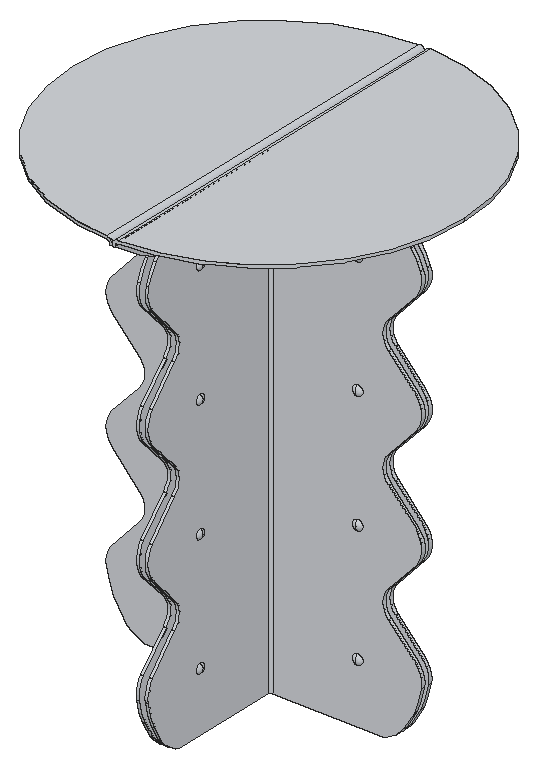
Revit family "YCSA.00.00.00.02", category Мебель, Revit 2014
Parameters
  Height = 500 mm
  Diameter = 400 mm
Reference planes
  plane 1 "По центру (Вперед/Назад)": y = 0
  plane 2: z = 0
  plane 3 "По центру (Влево/Вправо)": x = 0
  plane 4: x = 200
  plane 5: x = -200
  plane 6: y = 200
  plane 7: y = -200
  plane 8: x = 162
  plane 9: x = 96
  plane 10: x = -96
  plane 11: x = -162
  plane 12: y = 162
  plane 13: y = -162
  plane 14: y = 96
  plane 15: y = -96
  plane 16: z = 500
  plane 17: z = 497
  plane 18: z = 494
  plane 19: z = 432.25
  plane 20: z = 308.75
  plane 21: z = 185.25
  plane 22: z = 61.75
  plane 23: z = 123.5
  plane 24: z = 247
  plane 25: z = 370.5
  plane 26: y = 0
  plane 27: x = 0
  plane 28: x = 200
  plane 29: x = -200
  plane 30: y = 200
  plane 31: y = -200
  plane 32: x = 162
  plane 33: x = 96
  plane 34: x = -96
  plane 35: x = -162
  plane 36: y = 162
  plane 37: y = -162
  plane 38: y = 96
  plane 39: y = -96
  plane 40: z = 500
  plane 41: z = 494
  plane 42: z = 432.25
  plane 43: z = 308.75
  plane 44: z = 185.25
  plane 45: z = 61.75
  plane 46: z = 123.5
  plane 47: z = 247
  plane 48: z = 370.5
Forms (mm)
  Extrusion 1, solid
    sketch origin (1501.2, 0, 0) x (1, 0, 0) y (0, 0, 1)
      loop
        line (-1501.2, 410) -> (-1501.2, 494.019)
        arc (-1501.2, 494.019) -> (-1502.952, 498.248) -> (-1507.181, 500) r 5.981
        line (-1507.181, 500) -> (-1701.2, 500) -> (-1701.2, 497) -> (-1507.181, 497)
        arc (-1507.181, 497) -> (-1505.073, 496.127) -> (-1504.2, 494.019) r 2.981
        line (-1504.2, 494.019) -> (-1504.2, 410) -> (-1501.2, 410)
    from -210 to 210
  Extrusion 2, void
    sketch origin (0, 0, -100) x (0, 1, 0) y (0, 0, 1)
      loop
        line (-210, 600) -> (-210, 510) -> (-120, 510)
        arc (-120, 510) -> (-127.071, 512.929) -> (-130, 520) r 10
        line (-130, 520) -> (-130, 545.5)
        arc (-130, 545.5) -> (-131.624, 550.963) -> (-135.969, 554.651) r 9.999
        arc (-135.969, 554.651) -> (-173.916, 574.72) -> (-208.61, 600) r 300.001
        line (-208.61, 600) -> (-210, 600)
      loop
        line (210, 600) -> (208.61, 600)
        arc (208.61, 600) -> (173.916, 574.72) -> (135.969, 554.651) r 300.001
        arc (135.969, 554.651) -> (131.624, 550.963) -> (130, 545.5) r 9.999
        line (130, 545.5) -> (130, 520)
        arc (130, 520) -> (127.071, 512.929) -> (120, 510) r 10
        line (120, 510) -> (210, 510) -> (210, 600)
      loop
        circle (-96, 532.25) r 2.5
      loop
        circle (96, 532.25) r 2.5
    from 0 to -3
  Extrusion 3, void
    sketch origin (0, 0, 0) x (1, 0, 0) y (0, 1, 0)
      loop
        line (-200, -210) -> (0, -210) -> (0, -200)
        arc (0, -200) -> (-141.421, -141.421) -> (-200, 0) r 200
        line (-200, 0) -> (-200, -210)
    from 401 to 500
  Extrusion 4, void
    sketch origin (0, 0, 0) x (1, 0, 0) y (0, 1, 0)
      loop
        line (-200, 210) -> (-200, 0)
        arc (-200, 0) -> (-141.421, 141.421) -> (0, 200) r 200
        line (0, 200) -> (0, 210) -> (-200, 210)
    from 410 to 500
  Extrusion 5, solid, not visible
    sketch origin (1501.2, 0, 0) x (1, 0, 0) y (0, 0, 1)
      loop
        line (-1501.2, 410) -> (-1501.2, 494.019)
        arc (-1501.2, 494.019) -> (-1502.952, 498.248) -> (-1507.181, 500) r 5.981
        line (-1507.181, 500) -> (-1701.2, 500) -> (-1701.2, 497) -> (-1507.181, 497)
        arc (-1507.181, 497) -> (-1505.073, 496.127) -> (-1504.2, 494.019) r 2.981
        line (-1504.2, 494.019) -> (-1504.2, 410) -> (-1501.2, 410)
    from -210 to 210
  Extrusion 6, void, not visible
    sketch origin (0, 0, -100) x (0, 1, 0) y (0, 0, 1)
      loop
        line (-210, 600) -> (-210, 510) -> (-120, 510)
        arc (-120, 510) -> (-127.071, 512.929) -> (-130, 520) r 10
        line (-130, 520) -> (-130, 545.5)
        arc (-130, 545.5) -> (-131.624, 550.963) -> (-135.969, 554.651) r 9.999
        arc (-135.969, 554.651) -> (-173.916, 574.72) -> (-208.61, 600) r 300.001
        line (-208.61, 600) -> (-210, 600)
      loop
        line (210, 600) -> (208.61, 600)
        arc (208.61, 600) -> (173.916, 574.72) -> (135.969, 554.651) r 300.001
        arc (135.969, 554.651) -> (131.624, 550.963) -> (130, 545.5) r 9.999
        line (130, 545.5) -> (130, 520)
        arc (130, 520) -> (127.071, 512.929) -> (120, 510) r 10
        line (120, 510) -> (210, 510) -> (210, 600)
      loop
        circle (-96, 532.25) r 2.5
      loop
        circle (96, 532.25) r 2.5
    from 0 to -3
  Extrusion 7, void, not visible
    sketch origin (0, 0, 0) x (1, 0, 0) y (0, 1, 0)
      loop
        line (-200, -210) -> (0, -210) -> (0, -200)
        arc (0, -200) -> (-141.421, -141.421) -> (-200, 0) r 200
        line (-200, 0) -> (-200, -210)
    from 401 to 500
  Extrusion 8, void, not visible
    sketch origin (0, 0, 0) x (1, 0, 0) y (0, 1, 0)
      loop
        line (-200, 210) -> (-200, 0)
        arc (-200, 0) -> (-141.421, 141.421) -> (0, 200) r 200
        line (0, 200) -> (0, 210) -> (-200, 210)
    from 410 to 500
  Extrusion 9, solid
    sketch origin (-1501.2, 0, 0) x (-1, 0, 0) y (0, 0, 1)
      loop
        line (-1501.2, 410) -> (-1501.2, 494.019)
        arc (-1501.2, 494.019) -> (-1502.952, 498.248) -> (-1507.181, 500) r 5.981
        line (-1507.181, 500) -> (-1701.2, 500) -> (-1701.2, 497) -> (-1507.181, 497)
        arc (-1507.181, 497) -> (-1505.073, 496.127) -> (-1504.2, 494.019) r 2.981
        line (-1504.2, 494.019) -> (-1504.2, 410) -> (-1501.2, 410)
    from -210 to 210
  Extrusion 10, void
    sketch origin (0, 0, -100) x (0, -1, 0) y (0, 0, 1)
      loop
        line (210, 600) -> (208.61, 600)
        arc (208.61, 600) -> (173.916, 574.72) -> (135.969, 554.651) r 300.001
        arc (135.969, 554.651) -> (131.624, 550.963) -> (130, 545.5) r 9.999
        line (130, 545.5) -> (130, 520)
        arc (130, 520) -> (127.071, 512.929) -> (120, 510) r 10
        line (120, 510) -> (210, 510) -> (210, 600)
      loop
        line (-210, 600) -> (-210, 510) -> (-120, 510)
        arc (-120, 510) -> (-127.071, 512.929) -> (-130, 520) r 10
        line (-130, 520) -> (-130, 545.5)
        arc (-130, 545.5) -> (-131.624, 550.963) -> (-135.969, 554.651) r 9.999
        arc (-135.969, 554.651) -> (-173.916, 574.72) -> (-208.61, 600) r 300.001
        line (-208.61, 600) -> (-210, 600)
      loop
        circle (96, 532.25) r 2.5
      loop
        circle (-96, 532.25) r 2.5
    from 0 to -3
  Extrusion 11, void
    sketch origin (0, 0, 0) x (-1, 0, 0) y (0, -1, 0)
      loop
        line (-200, 210) -> (-200, 0)
        arc (-200, 0) -> (-141.421, 141.421) -> (0, 200) r 200
        line (0, 200) -> (0, 210) -> (-200, 210)
    from 401 to 500
  Extrusion 12, void
    sketch origin (0, 0, 0) x (-1, 0, 0) y (0, -1, 0)
      loop
        line (-200, -210) -> (0, -210) -> (0, -200)
        arc (0, -200) -> (-141.421, -141.421) -> (-200, 0) r 200
        line (-200, 0) -> (-200, -210)
    from 410 to 500
  Extrusion 13, solid
    sketch origin (0, 0, 0) x (1, 0, 0) y (0, 1, 0)
      loop
        line (-9, -3) -> (-162, -3) -> (-162, -6) -> (-9, -6)
        arc (-9, -6) -> (-6.879, -6.879) -> (-6, -9) r 3
        line (-6, -9) -> (-6, -162) -> (-3, -162) -> (-3, -9)
        arc (-3, -9) -> (-4.757, -4.757) -> (-9, -3) r 6
    from 0 to 494
  Extrusion 14, void
    sketch origin (0, 0, 0) x (1, 0, 0) y (0, 0, 1)
      loop
        line (-200, 494) -> (-200, 0) -> (-121.998, 0)
        arc (-121.998, 0) -> (-126.504, 1.464) -> (-130.774, 3.519) r 35.215
        arc (-130.774, 3.519) -> (-138.149, 8.835) -> (-144.207, 15.614) r 41.973
        arc (-144.207, 15.614) -> (-149.519, 23.863) -> (-154.007, 32.588) r 101.048
        arc (-154.007, 32.588) -> (-158.642, 44.843) -> (-161.652, 57.596) r 101.048
        arc (-161.652, 57.596) -> (-161.092, 68.425) -> (-156, 77.998) r 25
        arc (-156, 77.998) -> (-141.979, 93.97) -> (-127.548, 109.572) r 818.89
        arc (-127.548, 109.572) -> (-121.99, 123.5) -> (-127.548, 137.428) r 20.229
        arc (-127.548, 137.428) -> (-141.979, 153.03) -> (-156, 169.002) r 818.89
        arc (-156, 169.002) -> (-162, 185.25) -> (-156, 201.498) r 25
        arc (-156, 201.498) -> (-141.979, 217.47) -> (-127.548, 233.072) r 818.89
        arc (-127.548, 233.072) -> (-121.99, 247) -> (-127.548, 260.928) r 20.229
        arc (-127.548, 260.928) -> (-141.979, 276.53) -> (-156, 292.502) r 818.89
        arc (-156, 292.502) -> (-162, 308.75) -> (-156, 324.998) r 25
        arc (-156, 324.998) -> (-141.979, 340.97) -> (-127.548, 356.572) r 818.89
        arc (-127.548, 356.572) -> (-121.99, 370.5) -> (-127.548, 384.428) r 20.229
        arc (-127.548, 384.428) -> (-141.979, 400.03) -> (-156, 416.002) r 818.89
        arc (-156, 416.002) -> (-161.563, 427.597) -> (-160.626, 440.424) r 25
        arc (-160.626, 440.424) -> (-156.411, 449.97) -> (-150.681, 458.693) r 63.154
        arc (-150.681, 458.693) -> (-138.194, 475.913) -> (-126.998, 494) r 291.118
        line (-126.998, 494) -> (-200, 494)
      loop
        circle (-96, 432.25) r 2.5
      loop
        circle (-96, 308.75) r 2.5
      loop
        circle (-96, 185.25) r 2.5
      loop
        circle (-96, 61.75) r 2.5
    from 3 to 6
  Extrusion 15, void
    sketch origin (0, 0, 0) x (0, 1, 0) y (0, 0, -1)
      loop
        line (-200, -494) -> (-126.998, -494)
        arc (-126.998, -494) -> (-138.194, -475.913) -> (-150.681, -458.693) r 291.118
        arc (-150.681, -458.693) -> (-156.411, -449.97) -> (-160.626, -440.424) r 63.154
        arc (-160.626, -440.424) -> (-161.563, -427.597) -> (-156, -416.002) r 25
        arc (-156, -416.002) -> (-141.979, -400.03) -> (-127.548, -384.428) r 818.89
        arc (-127.548, -384.428) -> (-121.99, -370.5) -> (-127.548, -356.572) r 20.229
        arc (-127.548, -356.572) -> (-141.979, -340.97) -> (-156, -324.998) r 818.89
        arc (-156, -324.998) -> (-162, -308.75) -> (-156, -292.502) r 25
        arc (-156, -292.502) -> (-141.979, -276.53) -> (-127.548, -260.928) r 818.89
        arc (-127.548, -260.928) -> (-121.99, -247) -> (-127.548, -233.072) r 20.229
        arc (-127.548, -233.072) -> (-141.979, -217.47) -> (-156, -201.498) r 818.89
        arc (-156, -201.498) -> (-162, -185.25) -> (-156, -169.002) r 25
        arc (-156, -169.002) -> (-141.979, -153.03) -> (-127.548, -137.428) r 818.89
        arc (-127.548, -137.428) -> (-121.99, -123.5) -> (-127.548, -109.572) r 20.229
        arc (-127.548, -109.572) -> (-141.979, -93.97) -> (-156, -77.998) r 818.89
        arc (-156, -77.998) -> (-161.092, -68.425) -> (-161.652, -57.596) r 25
        arc (-161.652, -57.596) -> (-158.642, -44.843) -> (-154.007, -32.588) r 101.048
        arc (-154.007, -32.588) -> (-149.519, -23.863) -> (-144.207, -15.614) r 101.048
        arc (-144.207, -15.614) -> (-138.149, -8.835) -> (-130.774, -3.519) r 41.973
        arc (-130.774, -3.519) -> (-126.504, -1.464) -> (-121.998, 0) r 35.215
        line (-121.998, 0) -> (-200, 0) -> (-200, -494)
      loop
        circle (-96, -432.25) r 2.5
      loop
        circle (-96, -308.75) r 2.5
      loop
        circle (-96, -185.25) r 2.5
      loop
        circle (-96, -61.75) r 2.5
    from 3 to 6
  Extrusion 16, solid
    sketch origin (0, 0, 0) x (1, 0, 0) y (0, 1, 0)
      loop
        arc (-9, 3) -> (-4.757, 4.757) -> (-3, 9) r 6
        line (-3, 9) -> (-3, 162) -> (-6, 162) -> (-6, 9)
        arc (-6, 9) -> (-6.879, 6.879) -> (-9, 6) r 3
        line (-9, 6) -> (-162, 6) -> (-162, 3) -> (-9, 3)
    from 0 to 494
  Extrusion 17, void
    sketch origin (0, 0, 0) x (1, 0, 0) y (0, 0, -1)
      loop
        line (-200, -494) -> (-126.998, -494)
        arc (-126.998, -494) -> (-138.194, -475.913) -> (-150.681, -458.693) r 291.118
        arc (-150.681, -458.693) -> (-156.411, -449.97) -> (-160.626, -440.424) r 63.154
        arc (-160.626, -440.424) -> (-161.563, -427.597) -> (-156, -416.002) r 25
        arc (-156, -416.002) -> (-141.979, -400.03) -> (-127.548, -384.428) r 818.89
        arc (-127.548, -384.428) -> (-121.99, -370.5) -> (-127.548, -356.572) r 20.229
        arc (-127.548, -356.572) -> (-141.979, -340.97) -> (-156, -324.998) r 818.89
        arc (-156, -324.998) -> (-162, -308.75) -> (-156, -292.502) r 25
        arc (-156, -292.502) -> (-141.979, -276.53) -> (-127.548, -260.928) r 818.89
        arc (-127.548, -260.928) -> (-121.99, -247) -> (-127.548, -233.072) r 20.229
        arc (-127.548, -233.072) -> (-141.979, -217.47) -> (-156, -201.498) r 818.89
        arc (-156, -201.498) -> (-162, -185.25) -> (-156, -169.002) r 25
        arc (-156, -169.002) -> (-141.979, -153.03) -> (-127.548, -137.428) r 818.89
        arc (-127.548, -137.428) -> (-121.99, -123.5) -> (-127.548, -109.572) r 20.229
        arc (-127.548, -109.572) -> (-141.979, -93.97) -> (-156, -77.998) r 818.89
        arc (-156, -77.998) -> (-161.092, -68.425) -> (-161.652, -57.596) r 25
        arc (-161.652, -57.596) -> (-158.642, -44.843) -> (-154.007, -32.588) r 101.048
        arc (-154.007, -32.588) -> (-149.519, -23.863) -> (-144.207, -15.614) r 101.048
        arc (-144.207, -15.614) -> (-138.149, -8.835) -> (-130.774, -3.519) r 41.973
        arc (-130.774, -3.519) -> (-126.504, -1.464) -> (-121.998, 0) r 35.215
        line (-121.998, 0) -> (-200, 0) -> (-200, -494)
      loop
        circle (-96, -432.25) r 2.5
      loop
        circle (-96, -308.75) r 2.5
      loop
        circle (-96, -185.25) r 2.5
      loop
        circle (-96, -61.75) r 2.5
    from 3 to 6
  Extrusion 18, void
    sketch origin (0, 0, 0) x (0, -1, 0) y (0, 0, 1)
      loop
        line (-200, 494) -> (-200, 0) -> (-121.998, 0)
        arc (-121.998, 0) -> (-126.504, 1.464) -> (-130.774, 3.519) r 35.215
        arc (-130.774, 3.519) -> (-138.149, 8.835) -> (-144.207, 15.614) r 41.973
        arc (-144.207, 15.614) -> (-149.519, 23.863) -> (-154.007, 32.588) r 101.048
        arc (-154.007, 32.588) -> (-158.642, 44.843) -> (-161.652, 57.596) r 101.048
        arc (-161.652, 57.596) -> (-161.092, 68.425) -> (-156, 77.998) r 25
        arc (-156, 77.998) -> (-141.979, 93.97) -> (-127.548, 109.572) r 818.89
        arc (-127.548, 109.572) -> (-121.99, 123.5) -> (-127.548, 137.428) r 20.229
        arc (-127.548, 137.428) -> (-141.979, 153.03) -> (-156, 169.002) r 818.89
        arc (-156, 169.002) -> (-162, 185.25) -> (-156, 201.498) r 25
        arc (-156, 201.498) -> (-141.979, 217.47) -> (-127.548, 233.072) r 818.89
        arc (-127.548, 233.072) -> (-121.99, 247) -> (-127.548, 260.928) r 20.229
        arc (-127.548, 260.928) -> (-141.979, 276.53) -> (-156, 292.502) r 818.89
        arc (-156, 292.502) -> (-162, 308.75) -> (-156, 324.998) r 25
        arc (-156, 324.998) -> (-141.979, 340.97) -> (-127.548, 356.572) r 818.89
        arc (-127.548, 356.572) -> (-121.99, 370.5) -> (-127.548, 384.428) r 20.229
        arc (-127.548, 384.428) -> (-141.979, 400.03) -> (-156, 416.002) r 818.89
        arc (-156, 416.002) -> (-161.563, 427.597) -> (-160.626, 440.424) r 25
        arc (-160.626, 440.424) -> (-156.411, 449.97) -> (-150.681, 458.693) r 63.154
        arc (-150.681, 458.693) -> (-138.194, 475.913) -> (-126.998, 494) r 291.118
        line (-126.998, 494) -> (-200, 494)
      loop
        circle (-96, 432.25) r 2.5
      loop
        circle (-96, 308.75) r 2.5
      loop
        circle (-96, 185.25) r 2.5
      loop
        circle (-96, 61.75) r 2.5
    from 3 to 6
  Extrusion 19, solid
    sketch origin (0, 0, 0) x (-1, 0, 0) y (0, -1, 0)
      loop
        line (-9, -3) -> (-162, -3) -> (-162, -6) -> (-9, -6)
        arc (-9, -6) -> (-6.879, -6.879) -> (-6, -9) r 3
        line (-6, -9) -> (-6, -162) -> (-3, -162) -> (-3, -9)
        arc (-3, -9) -> (-4.757, -4.757) -> (-9, -3) r 6
    from 0 to 494
  Extrusion 20, void
    sketch origin (0, 0, 0) x (-1, 0, 0) y (0, 0, 1)
      loop
        line (-200, 494) -> (-200, 0) -> (-121.998, 0)
        arc (-121.998, 0) -> (-126.504, 1.464) -> (-130.774, 3.519) r 35.215
        arc (-130.774, 3.519) -> (-138.149, 8.835) -> (-144.207, 15.614) r 41.973
        arc (-144.207, 15.614) -> (-149.519, 23.863) -> (-154.007, 32.588) r 101.048
        arc (-154.007, 32.588) -> (-158.642, 44.843) -> (-161.652, 57.596) r 101.048
        arc (-161.652, 57.596) -> (-161.092, 68.425) -> (-156, 77.998) r 25
        arc (-156, 77.998) -> (-141.979, 93.97) -> (-127.548, 109.572) r 818.89
        arc (-127.548, 109.572) -> (-121.99, 123.5) -> (-127.548, 137.428) r 20.229
        arc (-127.548, 137.428) -> (-141.979, 153.03) -> (-156, 169.002) r 818.89
        arc (-156, 169.002) -> (-162, 185.25) -> (-156, 201.498) r 25
        arc (-156, 201.498) -> (-141.979, 217.47) -> (-127.548, 233.072) r 818.89
        arc (-127.548, 233.072) -> (-121.99, 247) -> (-127.548, 260.928) r 20.229
        arc (-127.548, 260.928) -> (-141.979, 276.53) -> (-156, 292.502) r 818.89
        arc (-156, 292.502) -> (-162, 308.75) -> (-156, 324.998) r 25
        arc (-156, 324.998) -> (-141.979, 340.97) -> (-127.548, 356.572) r 818.89
        arc (-127.548, 356.572) -> (-121.99, 370.5) -> (-127.548, 384.428) r 20.229
        arc (-127.548, 384.428) -> (-141.979, 400.03) -> (-156, 416.002) r 818.89
        arc (-156, 416.002) -> (-161.563, 427.597) -> (-160.626, 440.424) r 25
        arc (-160.626, 440.424) -> (-156.411, 449.97) -> (-150.681, 458.693) r 63.154
        arc (-150.681, 458.693) -> (-138.194, 475.913) -> (-126.998, 494) r 291.118
        line (-126.998, 494) -> (-200, 494)
      loop
        circle (-96, 432.25) r 2.5
      loop
        circle (-96, 308.75) r 2.5
      loop
        circle (-96, 185.25) r 2.5
      loop
        circle (-96, 61.75) r 2.5
    from 3 to 6
  Extrusion 21, void
    sketch origin (0, 0, 0) x (0, -1, 0) y (0, 0, -1)
      loop
        line (-200, -494) -> (-126.998, -494)
        arc (-126.998, -494) -> (-138.194, -475.913) -> (-150.681, -458.693) r 291.118
        arc (-150.681, -458.693) -> (-156.411, -449.97) -> (-160.626, -440.424) r 63.154
        arc (-160.626, -440.424) -> (-161.563, -427.597) -> (-156, -416.002) r 25
        arc (-156, -416.002) -> (-141.979, -400.03) -> (-127.548, -384.428) r 818.89
        arc (-127.548, -384.428) -> (-121.99, -370.5) -> (-127.548, -356.572) r 20.229
        arc (-127.548, -356.572) -> (-141.979, -340.97) -> (-156, -324.998) r 818.89
        arc (-156, -324.998) -> (-162, -308.75) -> (-156, -292.502) r 25
        arc (-156, -292.502) -> (-141.979, -276.53) -> (-127.548, -260.928) r 818.89
        arc (-127.548, -260.928) -> (-121.99, -247) -> (-127.548, -233.072) r 20.229
        arc (-127.548, -233.072) -> (-141.979, -217.47) -> (-156, -201.498) r 818.89
        arc (-156, -201.498) -> (-162, -185.25) -> (-156, -169.002) r 25
        arc (-156, -169.002) -> (-141.979, -153.03) -> (-127.548, -137.428) r 818.89
        arc (-127.548, -137.428) -> (-121.99, -123.5) -> (-127.548, -109.572) r 20.229
        arc (-127.548, -109.572) -> (-141.979, -93.97) -> (-156, -77.998) r 818.89
        arc (-156, -77.998) -> (-161.092, -68.425) -> (-161.652, -57.596) r 25
        arc (-161.652, -57.596) -> (-158.642, -44.843) -> (-154.007, -32.588) r 101.048
        arc (-154.007, -32.588) -> (-149.519, -23.863) -> (-144.207, -15.614) r 101.048
        arc (-144.207, -15.614) -> (-138.149, -8.835) -> (-130.774, -3.519) r 41.973
        arc (-130.774, -3.519) -> (-126.504, -1.464) -> (-121.998, 0) r 35.215
        line (-121.998, 0) -> (-200, 0) -> (-200, -494)
      loop
        circle (-96, -432.25) r 2.5
      loop
        circle (-96, -308.75) r 2.5
      loop
        circle (-96, -185.25) r 2.5
      loop
        circle (-96, -61.75) r 2.5
    from 3 to 6
  Extrusion 22, solid
    sketch origin (0, 0, 0) x (-1, 0, 0) y (0, -1, 0)
      loop
        arc (-9, 3) -> (-4.757, 4.757) -> (-3, 9) r 6
        line (-3, 9) -> (-3, 162) -> (-6, 162) -> (-6, 9)
        arc (-6, 9) -> (-6.879, 6.879) -> (-9, 6) r 3
        line (-9, 6) -> (-162, 6) -> (-162, 3) -> (-9, 3)
    from 0 to 494
  Extrusion 23, void
    sketch origin (0, 0, 0) x (-1, 0, 0) y (0, 0, -1)
      loop
        line (-200, -494) -> (-126.998, -494)
        arc (-126.998, -494) -> (-138.194, -475.913) -> (-150.681, -458.693) r 291.118
        arc (-150.681, -458.693) -> (-156.411, -449.97) -> (-160.626, -440.424) r 63.154
        arc (-160.626, -440.424) -> (-161.563, -427.597) -> (-156, -416.002) r 25
        arc (-156, -416.002) -> (-141.979, -400.03) -> (-127.548, -384.428) r 818.89
        arc (-127.548, -384.428) -> (-121.99, -370.5) -> (-127.548, -356.572) r 20.229
        arc (-127.548, -356.572) -> (-141.979, -340.97) -> (-156, -324.998) r 818.89
        arc (-156, -324.998) -> (-162, -308.75) -> (-156, -292.502) r 25
        arc (-156, -292.502) -> (-141.979, -276.53) -> (-127.548, -260.928) r 818.89
        arc (-127.548, -260.928) -> (-121.99, -247) -> (-127.548, -233.072) r 20.229
        arc (-127.548, -233.072) -> (-141.979, -217.47) -> (-156, -201.498) r 818.89
        arc (-156, -201.498) -> (-162, -185.25) -> (-156, -169.002) r 25
        arc (-156, -169.002) -> (-141.979, -153.03) -> (-127.548, -137.428) r 818.89
        arc (-127.548, -137.428) -> (-121.99, -123.5) -> (-127.548, -109.572) r 20.229
        arc (-127.548, -109.572) -> (-141.979, -93.97) -> (-156, -77.998) r 818.89
        arc (-156, -77.998) -> (-161.092, -68.425) -> (-161.652, -57.596) r 25
        arc (-161.652, -57.596) -> (-158.642, -44.843) -> (-154.007, -32.588) r 101.048
        arc (-154.007, -32.588) -> (-149.519, -23.863) -> (-144.207, -15.614) r 101.048
        arc (-144.207, -15.614) -> (-138.149, -8.835) -> (-130.774, -3.519) r 41.973
        arc (-130.774, -3.519) -> (-126.504, -1.464) -> (-121.998, 0) r 35.215
        line (-121.998, 0) -> (-200, 0) -> (-200, -494)
      loop
        circle (-96, -432.25) r 2.5
      loop
        circle (-96, -308.75) r 2.5
      loop
        circle (-96, -185.25) r 2.5
      loop
        circle (-96, -61.75) r 2.5
    from 3 to 6
  Extrusion 24, void
    sketch origin (0, 0, 0) x (0, 1, 0) y (0, 0, 1)
      loop
        line (-200, 494) -> (-200, 0) -> (-121.998, 0)
        arc (-121.998, 0) -> (-126.504, 1.464) -> (-130.774, 3.519) r 35.215
        arc (-130.774, 3.519) -> (-138.149, 8.835) -> (-144.207, 15.614) r 41.973
        arc (-144.207, 15.614) -> (-149.519, 23.863) -> (-154.007, 32.588) r 101.048
        arc (-154.007, 32.588) -> (-158.642, 44.843) -> (-161.652, 57.596) r 101.048
        arc (-161.652, 57.596) -> (-161.092, 68.425) -> (-156, 77.998) r 25
        arc (-156, 77.998) -> (-141.979, 93.97) -> (-127.548, 109.572) r 818.89
        arc (-127.548, 109.572) -> (-121.99, 123.5) -> (-127.548, 137.428) r 20.229
        arc (-127.548, 137.428) -> (-141.979, 153.03) -> (-156, 169.002) r 818.89
        arc (-156, 169.002) -> (-162, 185.25) -> (-156, 201.498) r 25
        arc (-156, 201.498) -> (-141.979, 217.47) -> (-127.548, 233.072) r 818.89
        arc (-127.548, 233.072) -> (-121.99, 247) -> (-127.548, 260.928) r 20.229
        arc (-127.548, 260.928) -> (-141.979, 276.53) -> (-156, 292.502) r 818.89
        arc (-156, 292.502) -> (-162, 308.75) -> (-156, 324.998) r 25
        arc (-156, 324.998) -> (-141.979, 340.97) -> (-127.548, 356.572) r 818.89
        arc (-127.548, 356.572) -> (-121.99, 370.5) -> (-127.548, 384.428) r 20.229
        arc (-127.548, 384.428) -> (-141.979, 400.03) -> (-156, 416.002) r 818.89
        arc (-156, 416.002) -> (-161.563, 427.597) -> (-160.626, 440.424) r 25
        arc (-160.626, 440.424) -> (-156.411, 449.97) -> (-150.681, 458.693) r 63.154
        arc (-150.681, 458.693) -> (-138.194, 475.913) -> (-126.998, 494) r 291.118
        line (-126.998, 494) -> (-200, 494)
      loop
        circle (-96, 432.25) r 2.5
      loop
        circle (-96, 308.75) r 2.5
      loop
        circle (-96, 185.25) r 2.5
      loop
        circle (-96, 61.75) r 2.5
    from 3 to 6
  Extrusion 25, solid, not visible
    sketch origin (0, 0, 0) x (1, 0, 0) y (0, 1, 0)
      loop
        line (-9, -3) -> (-162, -3) -> (-162, -6) -> (-9, -6)
        arc (-9, -6) -> (-6.879, -6.879) -> (-6, -9) r 3
        line (-6, -9) -> (-6, -162) -> (-3, -162) -> (-3, -9)
        arc (-3, -9) -> (-4.757, -4.757) -> (-9, -3) r 6
    from 0 to 494
  Extrusion 26, void, not visible
    sketch origin (0, 0, 0) x (1, 0, 0) y (0, 0, 1)
      loop
        line (-200, 494) -> (-200, 0) -> (-121.998, 0)
        arc (-121.998, 0) -> (-126.504, 1.464) -> (-130.774, 3.519) r 35.215
        arc (-130.774, 3.519) -> (-138.149, 8.835) -> (-144.207, 15.614) r 41.973
        arc (-144.207, 15.614) -> (-149.519, 23.863) -> (-154.007, 32.588) r 101.048
        arc (-154.007, 32.588) -> (-158.642, 44.843) -> (-161.652, 57.596) r 101.048
        arc (-161.652, 57.596) -> (-161.092, 68.425) -> (-156, 77.998) r 25
        arc (-156, 77.998) -> (-141.979, 93.97) -> (-127.548, 109.572) r 818.89
        arc (-127.548, 109.572) -> (-121.99, 123.5) -> (-127.548, 137.428) r 20.229
        arc (-127.548, 137.428) -> (-141.979, 153.03) -> (-156, 169.002) r 818.89
        arc (-156, 169.002) -> (-162, 185.25) -> (-156, 201.498) r 25
        arc (-156, 201.498) -> (-141.979, 217.47) -> (-127.548, 233.072) r 818.89
        arc (-127.548, 233.072) -> (-121.99, 247) -> (-127.548, 260.928) r 20.229
        arc (-127.548, 260.928) -> (-141.979, 276.53) -> (-156, 292.502) r 818.89
        arc (-156, 292.502) -> (-162, 308.75) -> (-156, 324.998) r 25
        arc (-156, 324.998) -> (-141.979, 340.97) -> (-127.548, 356.572) r 818.89
        arc (-127.548, 356.572) -> (-121.99, 370.5) -> (-127.548, 384.428) r 20.229
        arc (-127.548, 384.428) -> (-141.979, 400.03) -> (-156, 416.002) r 818.89
        arc (-156, 416.002) -> (-161.563, 427.597) -> (-160.626, 440.424) r 25
        arc (-160.626, 440.424) -> (-156.411, 449.97) -> (-150.681, 458.693) r 63.154
        arc (-150.681, 458.693) -> (-138.194, 475.913) -> (-126.998, 494) r 291.118
        line (-126.998, 494) -> (-200, 494)
      loop
        circle (-96, 432.25) r 2.5
      loop
        circle (-96, 308.75) r 2.5
      loop
        circle (-96, 185.25) r 2.5
      loop
        circle (-96, 61.75) r 2.5
    from 3 to 6
  Extrusion 27, void, not visible
    sketch origin (0, 0, 0) x (0, 1, 0) y (0, 0, -1)
      loop
        line (-200, -494) -> (-126.998, -494)
        arc (-126.998, -494) -> (-138.194, -475.913) -> (-150.681, -458.693) r 291.118
        arc (-150.681, -458.693) -> (-156.411, -449.97) -> (-160.626, -440.424) r 63.154
        arc (-160.626, -440.424) -> (-161.563, -427.597) -> (-156, -416.002) r 25
        arc (-156, -416.002) -> (-141.979, -400.03) -> (-127.548, -384.428) r 818.89
        arc (-127.548, -384.428) -> (-121.99, -370.5) -> (-127.548, -356.572) r 20.229
        arc (-127.548, -356.572) -> (-141.979, -340.97) -> (-156, -324.998) r 818.89
        arc (-156, -324.998) -> (-162, -308.75) -> (-156, -292.502) r 25
        arc (-156, -292.502) -> (-141.979, -276.53) -> (-127.548, -260.928) r 818.89
        arc (-127.548, -260.928) -> (-121.99, -247) -> (-127.548, -233.072) r 20.229
        arc (-127.548, -233.072) -> (-141.979, -217.47) -> (-156, -201.498) r 818.89
        arc (-156, -201.498) -> (-162, -185.25) -> (-156, -169.002) r 25
        arc (-156, -169.002) -> (-141.979, -153.03) -> (-127.548, -137.428) r 818.89
        arc (-127.548, -137.428) -> (-121.99, -123.5) -> (-127.548, -109.572) r 20.229
        arc (-127.548, -109.572) -> (-141.979, -93.97) -> (-156, -77.998) r 818.89
        arc (-156, -77.998) -> (-161.092, -68.425) -> (-161.652, -57.596) r 25
        arc (-161.652, -57.596) -> (-158.642, -44.843) -> (-154.007, -32.588) r 101.048
        arc (-154.007, -32.588) -> (-149.519, -23.863) -> (-144.207, -15.614) r 101.048
        arc (-144.207, -15.614) -> (-138.149, -8.835) -> (-130.774, -3.519) r 41.973
        arc (-130.774, -3.519) -> (-126.504, -1.464) -> (-121.998, 0) r 35.215
        line (-121.998, 0) -> (-200, 0) -> (-200, -494)
      loop
        circle (-96, -432.25) r 2.5
      loop
        circle (-96, -308.75) r 2.5
      loop
        circle (-96, -185.25) r 2.5
      loop
        circle (-96, -61.75) r 2.5
    from 3 to 6
  Extrusion 28, solid, not visible
    sketch origin (0, 0, 0) x (1, 0, 0) y (0, 1, 0)
      loop
        arc (-9, 3) -> (-4.757, 4.757) -> (-3, 9) r 6
        line (-3, 9) -> (-3, 162) -> (-6, 162) -> (-6, 9)
        arc (-6, 9) -> (-6.879, 6.879) -> (-9, 6) r 3
        line (-9, 6) -> (-162, 6) -> (-162, 3) -> (-9, 3)
    from 0 to 494
  Extrusion 29, void, not visible
    sketch origin (0, 0, 0) x (1, 0, 0) y (0, 0, -1)
      loop
        line (-200, -494) -> (-126.998, -494)
        arc (-126.998, -494) -> (-138.194, -475.913) -> (-150.681, -458.693) r 291.118
        arc (-150.681, -458.693) -> (-156.411, -449.97) -> (-160.626, -440.424) r 63.154
        arc (-160.626, -440.424) -> (-161.563, -427.597) -> (-156, -416.002) r 25
        arc (-156, -416.002) -> (-141.979, -400.03) -> (-127.548, -384.428) r 818.89
        arc (-127.548, -384.428) -> (-121.99, -370.5) -> (-127.548, -356.572) r 20.229
        arc (-127.548, -356.572) -> (-141.979, -340.97) -> (-156, -324.998) r 818.89
        arc (-156, -324.998) -> (-162, -308.75) -> (-156, -292.502) r 25
        arc (-156, -292.502) -> (-141.979, -276.53) -> (-127.548, -260.928) r 818.89
        arc (-127.548, -260.928) -> (-121.99, -247) -> (-127.548, -233.072) r 20.229
        arc (-127.548, -233.072) -> (-141.979, -217.47) -> (-156, -201.498) r 818.89
        arc (-156, -201.498) -> (-162, -185.25) -> (-156, -169.002) r 25
        arc (-156, -169.002) -> (-141.979, -153.03) -> (-127.548, -137.428) r 818.89
        arc (-127.548, -137.428) -> (-121.99, -123.5) -> (-127.548, -109.572) r 20.229
        arc (-127.548, -109.572) -> (-141.979, -93.97) -> (-156, -77.998) r 818.89
        arc (-156, -77.998) -> (-161.092, -68.425) -> (-161.652, -57.596) r 25
        arc (-161.652, -57.596) -> (-158.642, -44.843) -> (-154.007, -32.588) r 101.048
        arc (-154.007, -32.588) -> (-149.519, -23.863) -> (-144.207, -15.614) r 101.048
        arc (-144.207, -15.614) -> (-138.149, -8.835) -> (-130.774, -3.519) r 41.973
        arc (-130.774, -3.519) -> (-126.504, -1.464) -> (-121.998, 0) r 35.215
        line (-121.998, 0) -> (-200, 0) -> (-200, -494)
      loop
        circle (-96, -432.25) r 2.5
      loop
        circle (-96, -308.75) r 2.5
      loop
        circle (-96, -185.25) r 2.5
      loop
        circle (-96, -61.75) r 2.5
    from 3 to 6
  Extrusion 30, void, not visible
    sketch origin (0, 0, 0) x (0, -1, 0) y (0, 0, 1)
      loop
        line (-200, 494) -> (-200, 0) -> (-121.998, 0)
        arc (-121.998, 0) -> (-126.504, 1.464) -> (-130.774, 3.519) r 35.215
        arc (-130.774, 3.519) -> (-138.149, 8.835) -> (-144.207, 15.614) r 41.973
        arc (-144.207, 15.614) -> (-149.519, 23.863) -> (-154.007, 32.588) r 101.048
        arc (-154.007, 32.588) -> (-158.642, 44.843) -> (-161.652, 57.596) r 101.048
        arc (-161.652, 57.596) -> (-161.092, 68.425) -> (-156, 77.998) r 25
        arc (-156, 77.998) -> (-141.979, 93.97) -> (-127.548, 109.572) r 818.89
        arc (-127.548, 109.572) -> (-121.99, 123.5) -> (-127.548, 137.428) r 20.229
        arc (-127.548, 137.428) -> (-141.979, 153.03) -> (-156, 169.002) r 818.89
        arc (-156, 169.002) -> (-162, 185.25) -> (-156, 201.498) r 25
        arc (-156, 201.498) -> (-141.979, 217.47) -> (-127.548, 233.072) r 818.89
        arc (-127.548, 233.072) -> (-121.99, 247) -> (-127.548, 260.928) r 20.229
        arc (-127.548, 260.928) -> (-141.979, 276.53) -> (-156, 292.502) r 818.89
        arc (-156, 292.502) -> (-162, 308.75) -> (-156, 324.998) r 25
        arc (-156, 324.998) -> (-141.979, 340.97) -> (-127.548, 356.572) r 818.89
        arc (-127.548, 356.572) -> (-121.99, 370.5) -> (-127.548, 384.428) r 20.229
        arc (-127.548, 384.428) -> (-141.979, 400.03) -> (-156, 416.002) r 818.89
        arc (-156, 416.002) -> (-161.563, 427.597) -> (-160.626, 440.424) r 25
        arc (-160.626, 440.424) -> (-156.411, 449.97) -> (-150.681, 458.693) r 63.154
        arc (-150.681, 458.693) -> (-138.194, 475.913) -> (-126.998, 494) r 291.118
        line (-126.998, 494) -> (-200, 494)
      loop
        circle (-96, 432.25) r 2.5
      loop
        circle (-96, 308.75) r 2.5
      loop
        circle (-96, 185.25) r 2.5
      loop
        circle (-96, 61.75) r 2.5
    from 3 to 6
  Extrusion 31, solid, not visible
    sketch origin (0, 0, 0) x (-1, 0, 0) y (0, -1, 0)
      loop
        line (-9, -3) -> (-162, -3) -> (-162, -6) -> (-9, -6)
        arc (-9, -6) -> (-6.879, -6.879) -> (-6, -9) r 3
        line (-6, -9) -> (-6, -162) -> (-3, -162) -> (-3, -9)
        arc (-3, -9) -> (-4.757, -4.757) -> (-9, -3) r 6
    from 0 to 494
  Extrusion 32, void, not visible
    sketch origin (0, 0, 0) x (-1, 0, 0) y (0, 0, 1)
      loop
        line (-200, 494) -> (-200, 0) -> (-121.998, 0)
        arc (-121.998, 0) -> (-126.504, 1.464) -> (-130.774, 3.519) r 35.215
        arc (-130.774, 3.519) -> (-138.149, 8.835) -> (-144.207, 15.614) r 41.973
        arc (-144.207, 15.614) -> (-149.519, 23.863) -> (-154.007, 32.588) r 101.048
        arc (-154.007, 32.588) -> (-158.642, 44.843) -> (-161.652, 57.596) r 101.048
        arc (-161.652, 57.596) -> (-161.092, 68.425) -> (-156, 77.998) r 25
        arc (-156, 77.998) -> (-141.979, 93.97) -> (-127.548, 109.572) r 818.89
        arc (-127.548, 109.572) -> (-121.99, 123.5) -> (-127.548, 137.428) r 20.229
        arc (-127.548, 137.428) -> (-141.979, 153.03) -> (-156, 169.002) r 818.89
        arc (-156, 169.002) -> (-162, 185.25) -> (-156, 201.498) r 25
        arc (-156, 201.498) -> (-141.979, 217.47) -> (-127.548, 233.072) r 818.89
        arc (-127.548, 233.072) -> (-121.99, 247) -> (-127.548, 260.928) r 20.229
        arc (-127.548, 260.928) -> (-141.979, 276.53) -> (-156, 292.502) r 818.89
        arc (-156, 292.502) -> (-162, 308.75) -> (-156, 324.998) r 25
        arc (-156, 324.998) -> (-141.979, 340.97) -> (-127.548, 356.572) r 818.89
        arc (-127.548, 356.572) -> (-121.99, 370.5) -> (-127.548, 384.428) r 20.229
        arc (-127.548, 384.428) -> (-141.979, 400.03) -> (-156, 416.002) r 818.89
        arc (-156, 416.002) -> (-161.563, 427.597) -> (-160.626, 440.424) r 25
        arc (-160.626, 440.424) -> (-156.411, 449.97) -> (-150.681, 458.693) r 63.154
        arc (-150.681, 458.693) -> (-138.194, 475.913) -> (-126.998, 494) r 291.118
        line (-126.998, 494) -> (-200, 494)
      loop
        circle (-96, 432.25) r 2.5
      loop
        circle (-96, 308.75) r 2.5
      loop
        circle (-96, 185.25) r 2.5
      loop
        circle (-96, 61.75) r 2.5
    from 3 to 6
  Extrusion 33, void, not visible
    sketch origin (0, 0, 0) x (0, -1, 0) y (0, 0, -1)
      loop
        line (-200, -494) -> (-126.998, -494)
        arc (-126.998, -494) -> (-138.194, -475.913) -> (-150.681, -458.693) r 291.118
        arc (-150.681, -458.693) -> (-156.411, -449.97) -> (-160.626, -440.424) r 63.154
        arc (-160.626, -440.424) -> (-161.563, -427.597) -> (-156, -416.002) r 25
        arc (-156, -416.002) -> (-141.979, -400.03) -> (-127.548, -384.428) r 818.89
        arc (-127.548, -384.428) -> (-121.99, -370.5) -> (-127.548, -356.572) r 20.229
        arc (-127.548, -356.572) -> (-141.979, -340.97) -> (-156, -324.998) r 818.89
        arc (-156, -324.998) -> (-162, -308.75) -> (-156, -292.502) r 25
        arc (-156, -292.502) -> (-141.979, -276.53) -> (-127.548, -260.928) r 818.89
        arc (-127.548, -260.928) -> (-121.99, -247) -> (-127.548, -233.072) r 20.229
        arc (-127.548, -233.072) -> (-141.979, -217.47) -> (-156, -201.498) r 818.89
        arc (-156, -201.498) -> (-162, -185.25) -> (-156, -169.002) r 25
        arc (-156, -169.002) -> (-141.979, -153.03) -> (-127.548, -137.428) r 818.89
        arc (-127.548, -137.428) -> (-121.99, -123.5) -> (-127.548, -109.572) r 20.229
        arc (-127.548, -109.572) -> (-141.979, -93.97) -> (-156, -77.998) r 818.89
        arc (-156, -77.998) -> (-161.092, -68.425) -> (-161.652, -57.596) r 25
        arc (-161.652, -57.596) -> (-158.642, -44.843) -> (-154.007, -32.588) r 101.048
        arc (-154.007, -32.588) -> (-149.519, -23.863) -> (-144.207, -15.614) r 101.048
        arc (-144.207, -15.614) -> (-138.149, -8.835) -> (-130.774, -3.519) r 41.973
        arc (-130.774, -3.519) -> (-126.504, -1.464) -> (-121.998, 0) r 35.215
        line (-121.998, 0) -> (-200, 0) -> (-200, -494)
      loop
        circle (-96, -432.25) r 2.5
      loop
        circle (-96, -308.75) r 2.5
      loop
        circle (-96, -185.25) r 2.5
      loop
        circle (-96, -61.75) r 2.5
    from 3 to 6
  Extrusion 34, solid, not visible
    sketch origin (0, 0, 0) x (-1, 0, 0) y (0, -1, 0)
      loop
        arc (-9, 3) -> (-4.757, 4.757) -> (-3, 9) r 6
        line (-3, 9) -> (-3, 162) -> (-6, 162) -> (-6, 9)
        arc (-6, 9) -> (-6.879, 6.879) -> (-9, 6) r 3
        line (-9, 6) -> (-162, 6) -> (-162, 3) -> (-9, 3)
    from 0 to 494
  Extrusion 35, void, not visible
    sketch origin (0, 0, 0) x (-1, 0, 0) y (0, 0, -1)
      loop
        line (-200, -494) -> (-126.998, -494)
        arc (-126.998, -494) -> (-138.194, -475.913) -> (-150.681, -458.693) r 291.118
        arc (-150.681, -458.693) -> (-156.411, -449.97) -> (-160.626, -440.424) r 63.154
        arc (-160.626, -440.424) -> (-161.563, -427.597) -> (-156, -416.002) r 25
        arc (-156, -416.002) -> (-141.979, -400.03) -> (-127.548, -384.428) r 818.89
        arc (-127.548, -384.428) -> (-121.99, -370.5) -> (-127.548, -356.572) r 20.229
        arc (-127.548, -356.572) -> (-141.979, -340.97) -> (-156, -324.998) r 818.89
        arc (-156, -324.998) -> (-162, -308.75) -> (-156, -292.502) r 25
        arc (-156, -292.502) -> (-141.979, -276.53) -> (-127.548, -260.928) r 818.89
        arc (-127.548, -260.928) -> (-121.99, -247) -> (-127.548, -233.072) r 20.229
        arc (-127.548, -233.072) -> (-141.979, -217.47) -> (-156, -201.498) r 818.89
        arc (-156, -201.498) -> (-162, -185.25) -> (-156, -169.002) r 25
        arc (-156, -169.002) -> (-141.979, -153.03) -> (-127.548, -137.428) r 818.89
        arc (-127.548, -137.428) -> (-121.99, -123.5) -> (-127.548, -109.572) r 20.229
        arc (-127.548, -109.572) -> (-141.979, -93.97) -> (-156, -77.998) r 818.89
        arc (-156, -77.998) -> (-161.092, -68.425) -> (-161.652, -57.596) r 25
        arc (-161.652, -57.596) -> (-158.642, -44.843) -> (-154.007, -32.588) r 101.048
        arc (-154.007, -32.588) -> (-149.519, -23.863) -> (-144.207, -15.614) r 101.048
        arc (-144.207, -15.614) -> (-138.149, -8.835) -> (-130.774, -3.519) r 41.973
        arc (-130.774, -3.519) -> (-126.504, -1.464) -> (-121.998, 0) r 35.215
        line (-121.998, 0) -> (-200, 0) -> (-200, -494)
      loop
        circle (-96, -432.25) r 2.5
      loop
        circle (-96, -308.75) r 2.5
      loop
        circle (-96, -185.25) r 2.5
      loop
        circle (-96, -61.75) r 2.5
    from 3 to 6
  Extrusion 36, void, not visible
    sketch origin (0, 0, 0) x (0, 1, 0) y (0, 0, 1)
      loop
        line (-200, 494) -> (-200, 0) -> (-121.998, 0)
        arc (-121.998, 0) -> (-126.504, 1.464) -> (-130.774, 3.519) r 35.215
        arc (-130.774, 3.519) -> (-138.149, 8.835) -> (-144.207, 15.614) r 41.973
        arc (-144.207, 15.614) -> (-149.519, 23.863) -> (-154.007, 32.588) r 101.048
        arc (-154.007, 32.588) -> (-158.642, 44.843) -> (-161.652, 57.596) r 101.048
        arc (-161.652, 57.596) -> (-161.092, 68.425) -> (-156, 77.998) r 25
        arc (-156, 77.998) -> (-141.979, 93.97) -> (-127.548, 109.572) r 818.89
        arc (-127.548, 109.572) -> (-121.99, 123.5) -> (-127.548, 137.428) r 20.229
        arc (-127.548, 137.428) -> (-141.979, 153.03) -> (-156, 169.002) r 818.89
        arc (-156, 169.002) -> (-162, 185.25) -> (-156, 201.498) r 25
        arc (-156, 201.498) -> (-141.979, 217.47) -> (-127.548, 233.072) r 818.89
        arc (-127.548, 233.072) -> (-121.99, 247) -> (-127.548, 260.928) r 20.229
        arc (-127.548, 260.928) -> (-141.979, 276.53) -> (-156, 292.502) r 818.89
        arc (-156, 292.502) -> (-162, 308.75) -> (-156, 324.998) r 25
        arc (-156, 324.998) -> (-141.979, 340.97) -> (-127.548, 356.572) r 818.89
        arc (-127.548, 356.572) -> (-121.99, 370.5) -> (-127.548, 384.428) r 20.229
        arc (-127.548, 384.428) -> (-141.979, 400.03) -> (-156, 416.002) r 818.89
        arc (-156, 416.002) -> (-161.563, 427.597) -> (-160.626, 440.424) r 25
        arc (-160.626, 440.424) -> (-156.411, 449.97) -> (-150.681, 458.693) r 63.154
        arc (-150.681, 458.693) -> (-138.194, 475.913) -> (-126.998, 494) r 291.118
        line (-126.998, 494) -> (-200, 494)
      loop
        circle (-96, 432.25) r 2.5
      loop
        circle (-96, 308.75) r 2.5
      loop
        circle (-96, 185.25) r 2.5
      loop
        circle (-96, 61.75) r 2.5
    from 3 to 6
  Extrusion 37, solid
    sketch origin (0, 0, 0) x (0, 1, 0) y (0, 0, 1)
      loop
        circle (96, 308.75) r 10
      loop
        circle (96, 308.75) r 2.5
      loop
        circle (96, 185.25) r 10
      loop
        circle (96, 185.25) r 2.5
      loop
        circle (96, 61.75) r 10
      loop
        circle (96, 61.75) r 2.5
      loop
        circle (-96, 308.75) r 10
      loop
        circle (-96, 308.75) r 2.5
      loop
        circle (-96, 185.25) r 10
      loop
        circle (-96, 185.25) r 2.5
      loop
        circle (-96, 61.75) r 10
      loop
        circle (-96, 61.75) r 2.5
    from -3 to 3
  Extrusion 38, solid
    sketch origin (0, 0, 0) x (1, 0, 0) y (0, 0, 1)
      loop
        circle (-96, 432.25) r 10
      loop
        circle (-96, 308.75) r 10
      loop
        circle (-96, 185.25) r 10
      loop
        circle (-96, 61.75) r 10
      loop
        circle (-96, 432.25) r 2.5
      loop
        circle (-96, 308.75) r 2.5
      loop
        circle (-96, 185.25) r 2.5
      loop
        circle (-96, 61.75) r 2.5
      loop
        circle (96, 432.25) r 10
      loop
        circle (96, 308.75) r 10
      loop
        circle (96, 185.25) r 10
      loop
        circle (96, 61.75) r 10
      loop
        circle (96, 432.25) r 2.5
      loop
        circle (96, 308.75) r 2.5
      loop
        circle (96, 185.25) r 2.5
      loop
        circle (96, 61.75) r 2.5
    from -3 to 3
  Extrusion 39, solid
    sketch origin (0, 0, 0) x (1, 0, 0) y (0, 0, 1)
      loop
        circle (-96, 61.75) r 5
    from 0 to 9
  Revolve 40, void
    sketch origin (-96, 200, 0) x (0, 1, 0) y (0, 0, 1)
      loop
        line (-206, 66.75) -> (-209, 66.75) -> (-209, 61.75)
        arc (-209, 61.75) -> (-208.192, 64.665) -> (-206, 66.75) r 5.667
      axis (-209, 61.75) -> (-206, 61.75)
    angle from 0 to 360
  Revolve 41, void
    sketch origin (-96, 200, 0) x (0, 1, 0) y (0, 0, 1)
      loop
        line (-206, 66.75) -> (-206, 64.25) -> (-200, 64.25) -> (-200, 66.75) -> (-206, 66.75)
      axis (-200, 61.75) -> (-206, 61.75)
    angle from 0 to 360
  Extrusion 42, solid
    sketch origin (0, 0, 0) x (1, 0, 0) y (0, 0, -1)
      loop
        circle (-96, -61.75) r 5
    from 0 to 9
  Revolve 43, void
    sketch origin (-96, -200, 0) x (0, -1, 0) y (0, 0, -1)
      loop
        arc (-206, -66.75) -> (-208.192, -64.665) -> (-209, -61.75) r 5.667
        line (-209, -61.75) -> (-209, -66.75) -> (-206, -66.75)
      axis (-209, -61.75) -> (-206, -61.75)
    angle from 0 to 360
  Revolve 44, void
    sketch origin (-96, -200, 0) x (0, -1, 0) y (0, 0, -1)
      loop
        line (-206, -66.75) -> (-200, -66.75) -> (-200, -64.25) -> (-206, -64.25) -> (-206, -66.75)
      axis (-200, -61.75) -> (-206, -61.75)
    angle from 0 to 360
  Extrusion 45, solid, not visible
    sketch origin (0, -31.862, 0) x (1, 0, 0) y (0, 0, 1)
      loop
        circle (-96, 61.75) r 5
    from 0 to 9
  Revolve 46, void, not visible
    sketch origin (-96, 168.138, 0) x (0, 1, 0) y (0, 0, 1)
      loop
        line (-206, 66.75) -> (-209, 66.75) -> (-209, 61.75)
        arc (-209, 61.75) -> (-208.192, 64.665) -> (-206, 66.75) r 5.667
      axis (-209, 61.75) -> (-206, 61.75)
    angle from 0 to 360
  Revolve 47, void, not visible
    sketch origin (-96, 168.138, 0) x (0, 1, 0) y (0, 0, 1)
      loop
        line (-206, 66.75) -> (-206, 64.25) -> (-200, 64.25) -> (-200, 66.75) -> (-206, 66.75)
      axis (-200, 61.75) -> (-206, 61.75)
    angle from 0 to 360
  Extrusion 48, solid, not visible
    sketch origin (0, -31.862, 0) x (1, 0, 0) y (0, 0, -1)
      loop
        circle (-96, -61.75) r 5
    from 0 to 9
  Revolve 49, void, not visible
    sketch origin (-96, -231.862, 0) x (0, -1, 0) y (0, 0, -1)
      loop
        arc (-206, -66.75) -> (-208.192, -64.665) -> (-209, -61.75) r 5.667
        line (-209, -61.75) -> (-209, -66.75) -> (-206, -66.75)
      axis (-209, -61.75) -> (-206, -61.75)
    angle from 0 to 360
  Revolve 50, void, not visible
    sketch origin (-96, -231.862, 0) x (0, -1, 0) y (0, 0, -1)
      loop
        line (-206, -66.75) -> (-200, -66.75) -> (-200, -64.25) -> (-206, -64.25) -> (-206, -66.75)
      axis (-200, -61.75) -> (-206, -61.75)
    angle from 0 to 360
  Extrusion 51, solid
    sketch origin (192, 0, 0) x (1, 0, 0) y (0, 0, 1)
      loop
        circle (-96, 61.75) r 5
    from 0 to 9
  Revolve 52, void
    sketch origin (96, 200, 0) x (0, 1, 0) y (0, 0, 1)
      loop
        line (-206, 66.75) -> (-209, 66.75) -> (-209, 61.75)
        arc (-209, 61.75) -> (-208.192, 64.665) -> (-206, 66.75) r 5.667
      axis (-209, 61.75) -> (-206, 61.75)
    angle from 0 to 360
  Revolve 53, void
    sketch origin (96, 200, 0) x (0, 1, 0) y (0, 0, 1)
      loop
        line (-206, 66.75) -> (-206, 64.25) -> (-200, 64.25) -> (-200, 66.75) -> (-206, 66.75)
      axis (-200, 61.75) -> (-206, 61.75)
    angle from 0 to 360
  Extrusion 54, solid
    sketch origin (192, 0, 0) x (1, 0, 0) y (0, 0, -1)
      loop
        circle (-96, -61.75) r 5
    from 0 to 9
  Revolve 55, void
    sketch origin (96, -200, 0) x (0, -1, 0) y (0, 0, -1)
      loop
        arc (-206, -66.75) -> (-208.192, -64.665) -> (-209, -61.75) r 5.667
        line (-209, -61.75) -> (-209, -66.75) -> (-206, -66.75)
      axis (-209, -61.75) -> (-206, -61.75)
    angle from 0 to 360
  Revolve 56, void
    sketch origin (96, -200, 0) x (0, -1, 0) y (0, 0, -1)
      loop
        line (-206, -66.75) -> (-200, -66.75) -> (-200, -64.25) -> (-206, -64.25) -> (-206, -66.75)
      axis (-200, -61.75) -> (-206, -61.75)
    angle from 0 to 360
  Extrusion 57, solid, not visible
    sketch origin (192, -31.862, 0) x (1, 0, 0) y (0, 0, 1)
      loop
        circle (-96, 61.75) r 5
    from 0 to 9
  Revolve 58, void, not visible
    sketch origin (96, 168.138, 0) x (0, 1, 0) y (0, 0, 1)
      loop
        line (-206, 66.75) -> (-209, 66.75) -> (-209, 61.75)
        arc (-209, 61.75) -> (-208.192, 64.665) -> (-206, 66.75) r 5.667
      axis (-209, 61.75) -> (-206, 61.75)
    angle from 0 to 360
  Revolve 59, void, not visible
    sketch origin (96, 168.138, 0) x (0, 1, 0) y (0, 0, 1)
      loop
        line (-206, 66.75) -> (-206, 64.25) -> (-200, 64.25) -> (-200, 66.75) -> (-206, 66.75)
      axis (-200, 61.75) -> (-206, 61.75)
    angle from 0 to 360
  Extrusion 60, solid, not visible
    sketch origin (192, -31.862, 0) x (1, 0, 0) y (0, 0, -1)
      loop
        circle (-96, -61.75) r 5
    from 0 to 9
  Revolve 61, void, not visible
    sketch origin (96, -231.862, 0) x (0, -1, 0) y (0, 0, -1)
      loop
        arc (-206, -66.75) -> (-208.192, -64.665) -> (-209, -61.75) r 5.667
        line (-209, -61.75) -> (-209, -66.75) -> (-206, -66.75)
      axis (-209, -61.75) -> (-206, -61.75)
    angle from 0 to 360
  Revolve 62, void, not visible
    sketch origin (96, -231.862, 0) x (0, -1, 0) y (0, 0, -1)
      loop
        line (-206, -66.75) -> (-200, -66.75) -> (-200, -64.25) -> (-206, -64.25) -> (-206, -66.75)
      axis (-200, -61.75) -> (-206, -61.75)
    angle from 0 to 360
  Extrusion 63, solid
    sketch origin (0, 0, 123.5) x (1, 0, 0) y (0, 0, 1)
      loop
        circle (-96, 61.75) r 5
    from 0 to 9
  Revolve 64, void
    sketch origin (-96, 200, 123.5) x (0, 1, 0) y (0, 0, 1)
      loop
        line (-206, 66.75) -> (-209, 66.75) -> (-209, 61.75)
        arc (-209, 61.75) -> (-208.192, 64.665) -> (-206, 66.75) r 5.667
      axis (-209, 61.75) -> (-206, 61.75)
    angle from 0 to 360
  Revolve 65, void
    sketch origin (-96, 200, 123.5) x (0, 1, 0) y (0, 0, 1)
      loop
        line (-206, 66.75) -> (-206, 64.25) -> (-200, 64.25) -> (-200, 66.75) -> (-206, 66.75)
      axis (-200, 61.75) -> (-206, 61.75)
    angle from 0 to 360
  Extrusion 66, solid
    sketch origin (0, 0, 123.5) x (1, 0, 0) y (0, 0, -1)
      loop
        circle (-96, -61.75) r 5
    from 0 to 9
  Revolve 67, void
    sketch origin (-96, -200, 123.5) x (0, -1, 0) y (0, 0, -1)
      loop
        arc (-206, -66.75) -> (-208.192, -64.665) -> (-209, -61.75) r 5.667
        line (-209, -61.75) -> (-209, -66.75) -> (-206, -66.75)
      axis (-209, -61.75) -> (-206, -61.75)
    angle from 0 to 360
  Revolve 68, void
    sketch origin (-96, -200, 123.5) x (0, -1, 0) y (0, 0, -1)
      loop
        line (-206, -66.75) -> (-200, -66.75) -> (-200, -64.25) -> (-206, -64.25) -> (-206, -66.75)
      axis (-200, -61.75) -> (-206, -61.75)
    angle from 0 to 360
  Extrusion 69, solid
    sketch origin (192, 0, 123.5) x (1, 0, 0) y (0, 0, 1)
      loop
        circle (-96, 61.75) r 5
    from 0 to 9
  Revolve 70, void
    sketch origin (96, 200, 123.5) x (0, 1, 0) y (0, 0, 1)
      loop
        line (-206, 66.75) -> (-209, 66.75) -> (-209, 61.75)
        arc (-209, 61.75) -> (-208.192, 64.665) -> (-206, 66.75) r 5.667
      axis (-209, 61.75) -> (-206, 61.75)
    angle from 0 to 360
  Revolve 71, void
    sketch origin (96, 200, 123.5) x (0, 1, 0) y (0, 0, 1)
      loop
        line (-206, 66.75) -> (-206, 64.25) -> (-200, 64.25) -> (-200, 66.75) -> (-206, 66.75)
      axis (-200, 61.75) -> (-206, 61.75)
    angle from 0 to 360
  Extrusion 72, solid
    sketch origin (192, 0, 123.5) x (1, 0, 0) y (0, 0, -1)
      loop
        circle (-96, -61.75) r 5
    from 0 to 9
  Revolve 73, void
    sketch origin (96, -200, 123.5) x (0, -1, 0) y (0, 0, -1)
      loop
        arc (-206, -66.75) -> (-208.192, -64.665) -> (-209, -61.75) r 5.667
        line (-209, -61.75) -> (-209, -66.75) -> (-206, -66.75)
      axis (-209, -61.75) -> (-206, -61.75)
    angle from 0 to 360
  Revolve 74, void
    sketch origin (96, -200, 123.5) x (0, -1, 0) y (0, 0, -1)
      loop
        line (-206, -66.75) -> (-200, -66.75) -> (-200, -64.25) -> (-206, -64.25) -> (-206, -66.75)
      axis (-200, -61.75) -> (-206, -61.75)
    angle from 0 to 360
  Extrusion 75, solid
    sketch origin (0, 0, 247) x (1, 0, 0) y (0, 0, 1)
      loop
        circle (-96, 61.75) r 5
    from 0 to 9
  Revolve 76, void
    sketch origin (-96, 200, 247) x (0, 1, 0) y (0, 0, 1)
      loop
        line (-206, 66.75) -> (-209, 66.75) -> (-209, 61.75)
        arc (-209, 61.75) -> (-208.192, 64.665) -> (-206, 66.75) r 5.667
      axis (-209, 61.75) -> (-206, 61.75)
    angle from 0 to 360
  Revolve 77, void
    sketch origin (-96, 200, 247) x (0, 1, 0) y (0, 0, 1)
      loop
        line (-206, 66.75) -> (-206, 64.25) -> (-200, 64.25) -> (-200, 66.75) -> (-206, 66.75)
      axis (-200, 61.75) -> (-206, 61.75)
    angle from 0 to 360
  Extrusion 78, solid
    sketch origin (0, 0, 247) x (1, 0, 0) y (0, 0, -1)
      loop
        circle (-96, -61.75) r 5
    from 0 to 9
  Revolve 79, void
    sketch origin (-96, -200, 247) x (0, -1, 0) y (0, 0, -1)
      loop
        arc (-206, -66.75) -> (-208.192, -64.665) -> (-209, -61.75) r 5.667
        line (-209, -61.75) -> (-209, -66.75) -> (-206, -66.75)
      axis (-209, -61.75) -> (-206, -61.75)
    angle from 0 to 360
  Revolve 80, void
    sketch origin (-96, -200, 247) x (0, -1, 0) y (0, 0, -1)
      loop
        line (-206, -66.75) -> (-200, -66.75) -> (-200, -64.25) -> (-206, -64.25) -> (-206, -66.75)
      axis (-200, -61.75) -> (-206, -61.75)
    angle from 0 to 360
  Extrusion 81, solid
    sketch origin (192, 0, 247) x (1, 0, 0) y (0, 0, 1)
      loop
        circle (-96, 61.75) r 5
    from 0 to 9
  Revolve 82, void
    sketch origin (96, 200, 247) x (0, 1, 0) y (0, 0, 1)
      loop
        line (-206, 66.75) -> (-209, 66.75) -> (-209, 61.75)
        arc (-209, 61.75) -> (-208.192, 64.665) -> (-206, 66.75) r 5.667
      axis (-209, 61.75) -> (-206, 61.75)
    angle from 0 to 360
  Revolve 83, void
    sketch origin (96, 200, 247) x (0, 1, 0) y (0, 0, 1)
      loop
        line (-206, 66.75) -> (-206, 64.25) -> (-200, 64.25) -> (-200, 66.75) -> (-206, 66.75)
      axis (-200, 61.75) -> (-206, 61.75)
    angle from 0 to 360
  Extrusion 84, solid
    sketch origin (192, 0, 247) x (1, 0, 0) y (0, 0, -1)
      loop
        circle (-96, -61.75) r 5
    from 0 to 9
  Revolve 85, void
    sketch origin (96, -200, 247) x (0, -1, 0) y (0, 0, -1)
      loop
        arc (-206, -66.75) -> (-208.192, -64.665) -> (-209, -61.75) r 5.667
        line (-209, -61.75) -> (-209, -66.75) -> (-206, -66.75)
      axis (-209, -61.75) -> (-206, -61.75)
    angle from 0 to 360
  Revolve 86, void
    sketch origin (96, -200, 247) x (0, -1, 0) y (0, 0, -1)
      loop
        line (-206, -66.75) -> (-200, -66.75) -> (-200, -64.25) -> (-206, -64.25) -> (-206, -66.75)
      axis (-200, -61.75) -> (-206, -61.75)
    angle from 0 to 360
  Extrusion 87, solid
    sketch origin (0, 0, 370.5) x (1, 0, 0) y (0, 0, 1)
      loop
        circle (-96, 61.75) r 5
    from 0 to 9
  Revolve 88, void
    sketch origin (-96, 200, 370.5) x (0, 1, 0) y (0, 0, 1)
      loop
        line (-206, 66.75) -> (-209, 66.75) -> (-209, 61.75)
        arc (-209, 61.75) -> (-208.192, 64.665) -> (-206, 66.75) r 5.667
      axis (-209, 61.75) -> (-206, 61.75)
    angle from 0 to 360
  Revolve 89, void
    sketch origin (-96, 200, 370.5) x (0, 1, 0) y (0, 0, 1)
      loop
        line (-206, 66.75) -> (-206, 64.25) -> (-200, 64.25) -> (-200, 66.75) -> (-206, 66.75)
      axis (-200, 61.75) -> (-206, 61.75)
    angle from 0 to 360
  Extrusion 90, solid
    sketch origin (0, 0, 370.5) x (1, 0, 0) y (0, 0, -1)
      loop
        circle (-96, -61.75) r 5
    from 0 to 9
  Revolve 91, void
    sketch origin (-96, -200, 370.5) x (0, -1, 0) y (0, 0, -1)
      loop
        arc (-206, -66.75) -> (-208.192, -64.665) -> (-209, -61.75) r 5.667
        line (-209, -61.75) -> (-209, -66.75) -> (-206, -66.75)
      axis (-209, -61.75) -> (-206, -61.75)
    angle from 0 to 360
  Revolve 92, void
    sketch origin (-96, -200, 370.5) x (0, -1, 0) y (0, 0, -1)
      loop
        line (-206, -66.75) -> (-200, -66.75) -> (-200, -64.25) -> (-206, -64.25) -> (-206, -66.75)
      axis (-200, -61.75) -> (-206, -61.75)
    angle from 0 to 360
  Extrusion 93, solid
    sketch origin (192, 0, 370.5) x (1, 0, 0) y (0, 0, 1)
      loop
        circle (-96, 61.75) r 5
    from 0 to 9
  Revolve 94, void
    sketch origin (96, 200, 370.5) x (0, 1, 0) y (0, 0, 1)
      loop
        line (-206, 66.75) -> (-209, 66.75) -> (-209, 61.75)
        arc (-209, 61.75) -> (-208.192, 64.665) -> (-206, 66.75) r 5.667
      axis (-209, 61.75) -> (-206, 61.75)
    angle from 0 to 360
  Revolve 95, void
    sketch origin (96, 200, 370.5) x (0, 1, 0) y (0, 0, 1)
      loop
        line (-206, 66.75) -> (-206, 64.25) -> (-200, 64.25) -> (-200, 66.75) -> (-206, 66.75)
      axis (-200, 61.75) -> (-206, 61.75)
    angle from 0 to 360
  Extrusion 96, solid
    sketch origin (192, 0, 370.5) x (1, 0, 0) y (0, 0, -1)
      loop
        circle (-96, -61.75) r 5
    from 0 to 9
  Revolve 97, void
    sketch origin (96, -200, 370.5) x (0, -1, 0) y (0, 0, -1)
      loop
        arc (-206, -66.75) -> (-208.192, -64.665) -> (-209, -61.75) r 5.667
        line (-209, -61.75) -> (-209, -66.75) -> (-206, -66.75)
      axis (-209, -61.75) -> (-206, -61.75)
    angle from 0 to 360
